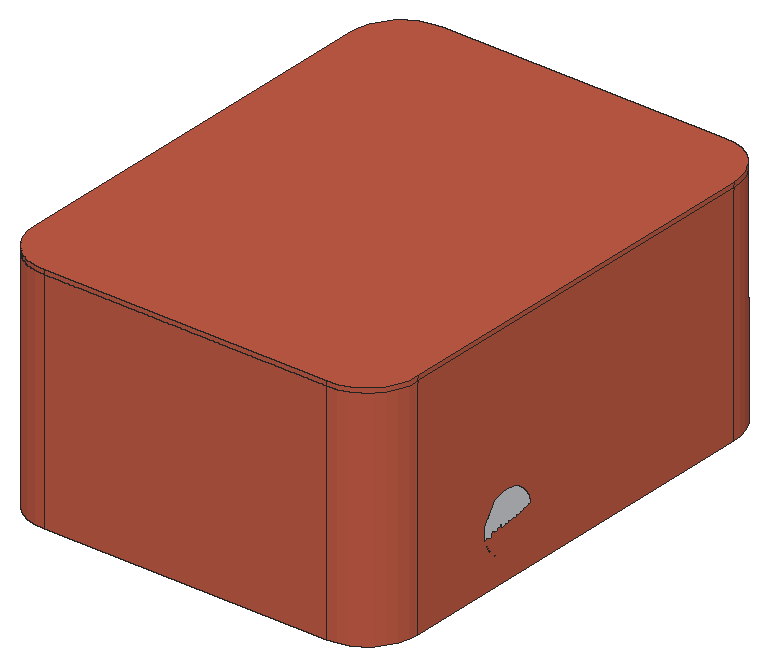
Revit family "PRD_AR_ShwrMxrs_BasicInstallationKitForShower_F5BX2001", category Plumbing Fixtures, host Face, Revit 2018
Family settings
  Host = Face
  Round Connector Dimension = Use Diameter
  Part Type = Normal
  OmniClass Number = 23.45.05.14.99
  OmniClass Title = Other Sanitary Washing Plumbing Fixtures
  Cut with Voids When Loaded = Yes
  Shared = No
  Room Calculation Point = No
Parameters (values of type "F5BX2001")
  WorkingPressure = "n/a"
  WarrantyStartDate [instance] = "1900-12-31T23:59:59"
  WarrantyGuarantorParts = "n/a"
  WarrantyGuarantorLabor = "n/a"
  WarrantyDurationUnit = "year"
  WarrantyDurationParts = "n/a"
  WarrantyDurationLabor = "n/a"
  WarrantyDescription = "n/a"
  ValvePattern = "ANGLED_2_PORT"
  ValveOperation = "Other"
  ValveMechanism = "Other"
  ValveMaterial = PRD_AR_PlasticRed
  Type = "for built-in with box and adhesive flange"
  TestPressure = 0.0 Pa
  PositionOfPowerConnection = "from top"
  OutletSize = "G-1-2-B"
  OutletConnectionSize = 15 mm
  OperatingMechanismMaterial = "n/a"
  Version = "1"
  Uniclass2015Version = "Products v1.10"
  Uniclass2015Title = "Shower manual water supply sets"
  Uniclass2015Code = "Pr_40_20_87_78"
  URL = "www.kwc.com"
  TypeOfMounting = "in-wall installation with box"
  TypeOfMixing = "with thermostat / mixer"
  TagNumber [instance] = "n/a"
  SustainabilityPerformance = "n/a"
  Size = "DN 15"
  Shape = "n/a"
  SerialNumber [instance] = "n/a"
  Revision = "n/a"
  ReplacementCost = "n/a"
  ProductInformation = "https://pim.kwc.com/product/2030028990/attachment/datasheet?locale=en"
  NominalWidth = 0 mm
  NominalLength = 0 mm
  NominalHeight = 0 mm
  NetWeight = 1.36 kg
  Name = "F5 basic installation kit for shower F5BX2001"
  NBSTypeID = "n/a"
  NBSReference = "45-35-70/335"
  NBSOfficeMasterTag = "n/a"
  NBSNote = "n/a"
  NBSDescription = "Shower manual water supply sets"
  NBSCertification = "n/a"
  ModelReference = "F5BX2001"
  ModelNumber = "2030028990"
  Model = ModelReference  # "F5BX2001"
  MixerControl = "Other"
  MaterialsBody = "Brass"
  Material = "Plastic"
  ManufacturerURL = "www.kwc.com"
  ManufacturerName = "KWC Group AG"  # constant formula
  Manufacturer = ManufacturerName  # "KWC Group AG"
  InstallationDate [instance] = "1900-12-31T23:59:59"
  IfcExportType = "MIXING"
  IfcExportAs = "IfcValveType"
  GrossWeight = 1.45 kg
  Grade = "n/a"
  FlowHotWater = 0.0 L/s
  FlowColdWater = 0.0 L/s
  FlowCoefficient = "0"
  Finish = "synthetic"
  Features = "For connection to hot and cold water, 174 x 225 mm."
  ExpectedLife = "n/a"
  DurationUnit = "year"
  Description = "R5 basic installation kit with sliding adhesive flange for in-wall mounting of finished installation kits DN 15 with mixing unit, for shower facilities. For connection to hot and cold water. KWC system box made of plastic, 174 x 225 mm, with lockable connection screws, shell protection, flush connector for flushing and leak test. Continuously-adjustable sliding adhesive flange with form-closed, flexible, 70 mm wide sealing collar. Sealing collar made of water-tight, permanently-elastic, alkali-resistant, and crack-bridging thermoplastic elastomer with polypropylene fleece for connecting to compound seals in dry and wet construction."
  DiameterNominal = 15.000 mm
  Default Elevation = 850 mm
  CreateOn = "04/2019"  # constant formula
  Constituents = "n/a"
  Color = "n/a"
  CodePerformance = "n/a"
  CloseOffRating = 0.0 Pa
  Category = "Pr_40_20_87_78, Shower manual water supply sets"
  BarrierFree = "no"
  BarCode [instance] = "n/a"
  BIMObjectName = "PRD_AR_ShowerMixers_BasicInstallationKitForShower_F5BX2001"
  Author = "Archispace"  # constant formula
  AssetType = "Fixed"
  AssetIdentifier [instance] = "n/a"
  Application = "shower-taps"
  AccessibilityPerformance = "n/a"
Reference planes
  plane 1 "Center (Front/Back)": y = 0
  plane 2: z = 0
  plane 3 "Center (Left/Right)": x = 0
  plane 4: y = -39
Forms (mm)
  Extrusion 1, solid, material "PRD_AR_PlasticRed" <- "ValveMaterial", detail levels fine
    sketch origin (0, 0, 0) x (1, 0, 0) y (0, 1, 0)
      loop
        line (64, 112.5) -> (-64, 112.5)
        arc (-64, 112.5) -> (-80.263, 105.763) -> (-87, 89.5) r 23
        line (-87, 89.5) -> (-87, -89.5)
        arc (-87, -89.5) -> (-80.263, -105.763) -> (-64, -112.5) r 23
        line (-64, -112.5) -> (64, -112.5)
        arc (64, -112.5) -> (80.263, -105.763) -> (87, -89.5) r 23
        line (87, -89.5) -> (87, 89.5)
        arc (87, 89.5) -> (80.263, 105.763) -> (64, 112.5) r 23
    from -2 to -105
  Extrusion 2, void
    sketch origin (0, 104.123, 50) x (0, 1, 0) y (-1, 0, 0)
      loop
        line (-14.623, 87) -> (-193.623, 87)
        arc (-193.623, 87) -> (-209.887, 80.263) -> (-216.623, 64) r 23
        line (-216.623, 64) -> (-216.623, -64)
        arc (-216.623, -64) -> (-209.887, -80.263) -> (-193.623, -87) r 23
        line (-193.623, -87) -> (-14.623, -87)
        arc (-14.623, -87) -> (1.64, -80.263) -> (8.377, -64) r 23
        line (8.377, -64) -> (8.377, 64)
        arc (8.377, 64) -> (1.64, 80.263) -> (-14.623, 87) r 23
    from -50 to -155
  Extrusion 3, solid, detail levels medium+fine
    sketch origin (0, 0, 0) x (0, 1, 0) y (0, 0, 1)
      loop
        circle (-39, -81) r 13
    from 87 to -87
  Extrusion 4, solid, detail levels medium+fine
    sketch origin (0, 0, 0) x (1, 0, 0) y (0, 0, 1)
      loop
        circle (0, -81) r 13
    from 39 to -112.5
  Extrusion 5, solid, detail levels fine
    sketch origin (0, 0, 0) x (0, 1, 0) y (0, 0, 1)
      loop
        line (-48.699, -64.2) -> (-58.399, -81) -> (-48.699, -97.8) -> (-29.301, -97.8) -> (-19.601, -81) -> (-29.301, -64.2) -> (-48.699, -64.2)
      loop
        circle (-39, -81) r 13
    from -33.4 to -47.6
  Extrusion 6, solid, detail levels fine
    sketch origin (0, 0, 0) x (0, 1, 0) y (0, 0, -1)
      loop
        line (-48.699, 64.2) -> (-29.301, 64.2) -> (-19.601, 81) -> (-29.301, 97.8) -> (-48.699, 97.8) -> (-58.399, 81) -> (-48.699, 64.2)
      loop
        circle (-39, 81) r 13
    from -33.4 to -47.6
  Extrusion 7, solid, detail levels fine
    sketch origin (39, 29.4, 0) x (1, 0, 0) y (0, 0, 1)
      loop
        line (-48.699, -64.2) -> (-58.399, -81) -> (-48.699, -97.8) -> (-29.301, -97.8) -> (-19.601, -81) -> (-29.301, -64.2) -> (-48.699, -64.2)
      loop
        circle (-39, -81) r 13
    from -33.4 to -47.6
  Extrusion 8, void
    sketch origin (0, 104.123, 50) x (0, 1, 0) y (-1, 0, 0)
      loop
        line (-1.623, -64) -> (-1.623, 64)
        arc (-1.623, 64) -> (-5.431, 73.192) -> (-14.623, 77) r 13
        line (-14.623, 77) -> (-193.623, 77)
        arc (-193.623, 77) -> (-202.816, 73.192) -> (-206.623, 64) r 13
        line (-206.623, 64) -> (-206.623, -64)
        arc (-206.623, -64) -> (-202.816, -73.192) -> (-193.623, -77) r 13
        line (-193.623, -77) -> (-14.623, -77)
        arc (-14.623, -77) -> (-5.431, -73.192) -> (-1.623, -64) r 13
    from -50 to -153
  Extrusion 9, solid, material "PRD_AR_PlasticRed" <- "ValveMaterial", detail levels fine
    sketch origin (0, 104.123, 50) x (0, 1, 0) y (-1, 0, 0)
      loop
        line (-14.623, 87) -> (-193.623, 87)
        arc (-193.623, 87) -> (-209.887, 80.263) -> (-216.623, 64) r 23
        line (-216.623, 64) -> (-216.623, -64)
        arc (-216.623, -64) -> (-209.887, -80.263) -> (-193.623, -87) r 23
        line (-193.623, -87) -> (-14.623, -87)
        arc (-14.623, -87) -> (1.64, -80.263) -> (8.377, -64) r 23
        line (8.377, -64) -> (8.377, 64)
        arc (8.377, 64) -> (1.64, 80.263) -> (-14.623, 87) r 23
    from -50 to -52
  Extrusion 10, solid, material "PRD_AR_PlasticRed" <- "ValveMaterial", detail levels coarse+medium
    sketch origin (0, 104.123, 50) x (0, 1, 0) y (-1, 0, 0)
      loop
        line (-14.623, 87) -> (-193.623, 87)
        arc (-193.623, 87) -> (-209.887, 80.263) -> (-216.623, 64) r 23
        line (-216.623, 64) -> (-216.623, -64)
        arc (-216.623, -64) -> (-209.887, -80.263) -> (-193.623, -87) r 23
        line (-193.623, -87) -> (-14.623, -87)
        arc (-14.623, -87) -> (1.64, -80.263) -> (8.377, -64) r 23
        line (8.377, -64) -> (8.377, 64)
        arc (8.377, 64) -> (1.64, 80.263) -> (-14.623, 87) r 23
    from -50 to -155
Cuts and joins
  joined: Extrusion 3, Extrusion 4
  Extrusion 8 cuts Extrusion 1
Dimensions and locks
  aligned and locked: plane 2 to host face
  aligned and locked: level to host face
Connectors
  piping at (-87, -39, -81), diameter 15, driven by "FlowHotWater", driven by "DiameterNominal"
    settings: on cut or joined group of Extrusion 3, Extrusion 4, index 1, connector inside diameter 609.600 mm, connector length 0 mm, flow factor 0, pipe flow 0.0 L/s, pressure drop 0.0 Pa, fitting loss kfactor 0, connector angle 0.00°, fixture units 0, engagement length 0 mm, angle of deflection 0.00°, flow configuration 2, flow direction 1, fitting loss method 0, system type 19, joint type 0, gender type 0, connector reference index -1, connector utility 0, adjustable connector no, is connector primary yes, connector description "G-1-2"
  piping at (87, -39, -81), diameter 15, driven by "FlowColdWater", driven by "DiameterNominal"
    settings: on cut or joined group of Extrusion 3, Extrusion 4, index 2, connector inside diameter 609.600 mm, connector length 0 mm, flow factor 0, pipe flow 0.0 L/s, pressure drop 0.0 Pa, fitting loss kfactor 0, connector angle 0.00°, fixture units 0, engagement length 0 mm, angle of deflection 0.00°, flow configuration 2, flow direction 1, fitting loss method 0, system type 20, joint type 0, gender type 0, connector reference index -1, connector utility 0, adjustable connector no, is connector primary no, connector description "G-1-2"
